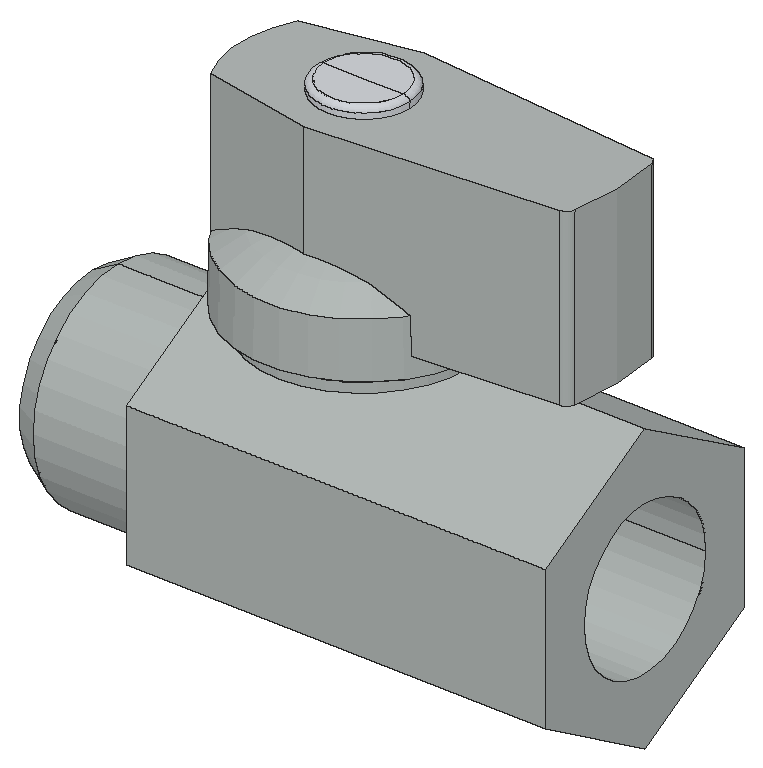
Revit family "QL10330000", category Apparecchi idraulici, Revit 2020
Family settings
  Quota connettore circolare = Usa diametro
  Tipo di parte = Normale
  Numero OmniClass = 23.45.00.00
  Titolo OmniClass = Sanitary, Laundry, and Cleaning Equipment
  Basato su piano di lavoro = No
  Sempre verticale = Sì
  Taglio con vuoti quando caricato = No
  Condiviso = No
  Punto di calcolo locali = No
Parameters
  URL = "https://web.cimberio.com/index.php/figura/963?subcategoria_id=47"
  Temperatura di esercizio = "-20 ÷ 95°C"
  Prospetto di default = 0 mm
  Produttore = "CIMBERIO SPA"
  Pressione nominale = "PN 150"
  Modello = "Cim 012C"
  Materiale = "Prodotto in lega di ottone conforme alla norma EN 12165-CW617N-DW"
  Descrizione = "Realizzato in ottemperanza ai requisiti gestionali della norma EN ISO 9001.\r\nUtilizzato per la regolazione della temperatura degli ambienti e comandare apparecchi degli impianti di riscaldamento e condizionamento."
  DN Model [instance] = QL10331015 : QL10331015
  DN [instance] = 15 mm
  Commenti sul tipo = "Utilizzato nei più svariati settori dell'impiantistica: impianti di riscaldamento, condizionamento, idrici, igienico-sanitari, aria compressa e in generale con ogni fluido non corrosivo"
Reference planes
  plane 1 "Centro (Fronte/Retro)": y = 0
  plane 2: z = 0
  plane 3 "Centro (Sinistra/Destra)": x = 0
Dimensions and locks
  aligned and locked: level to plane 2
Nested families
  nested 1: "QL10331015" at (0, 0, 0), type <- "DN Model", type "QL10331015"
  nested 2: "QL10331015" at (0, 0, 0), type <- "DN Model", type "QL10331015"
  nested 3: "QL10331015" at (0, 0, 0), type <- "DN Model", type "QL10331015"
Connectors
  piping at (25.957, 0, 14), diameter 15, driven by "DN"
    settings: on nested 1, index 1, connector inside diameter 609.6 mm, connector length 0 mm, flow factor 0, pipe flow 0.0 L/s, pressure drop 0.0 Pa, fitting loss kfactor 0, connector angle 0.00°, fixture units 0, engagement length 0 mm, angle of deflection 0.00°, flow configuration 0, flow direction 0, fitting loss method 0, system type 7, joint type 0, gender type 0, connector reference index -1, connector utility 0, adjustable connector no, is connector primary yes, connector description ""
  piping at (-27.762, 0, 11.892), diameter 15, driven by "DN"
    settings: on nested 1, index 2, connector inside diameter 609.6 mm, connector length 0 mm, flow factor 0, pipe flow 0.0 L/s, pressure drop 0.0 Pa, fitting loss kfactor 0, connector angle 0.00°, fixture units 0, engagement length 0 mm, angle of deflection 0.00°, flow configuration 0, flow direction 0, fitting loss method 0, system type 7, joint type 0, gender type 0, connector reference index -1, connector utility 0, adjustable connector no, is connector primary no, connector description ""
Definition of nested family "QL10331015"
  Parameters (values of type "QL10331015")
    URL = "https://web.cimberio.com/index.php/figura/1418?subcategoria_id="
    Temperatura di esercizio = "-10 ÷ 110°C"
    Default Elevation = 0 mm
    Manufacturer = "CIMBERIO SPA"
    Pressione nominale = "PN 10"
    Model = "Cim 150VIC"
    Materiale = "Prodotto in lega di ottone conforme alla norma EN 12165-CW617N-DW"
    Description = "Utilizzato nei più svariati settori dell'impiantistica: impianti di riscaldamento, condizionamento, idrici, igienico-sanitari e in generale con ogni fluido non corrosivo"
    DN Model [instance] = HG00081015 : HG00081015
    DN [instance] = 15 mm
    Type Comments = "Realizzato in ottemperanza ai requisiti gestionali della norma EN ISO 9001.\r\nCollaudato al 100% secondo la normativa EN 12266-1"
  Reference planes
    plane 1 "Centro (Fronte/Retro)": y = 0
    plane 2: z = 0
    plane 3 "Centro (Sinistra/Destra)": x = 0
  Forms (mm)
    Extrusion 1, solid
      sketch origin (0, 0, 14) x (0, 1, 0) y (0, 0, 1)
        loop
          circle (0, 0) r 7.5
        loop
          line (0, 14) -> (-12.124, 7) -> (-12.124, -7) -> (0, -14) -> (12.124, -7) -> (12.124, 7) -> (0, 14)
      from -15.043 to 25.957
    Revolve 2, solid
      sketch origin (0.156, 0, -0.02) x (1, 0, 0) y (0, 0, 1)
        loop
          line (-13.65, 29.159) -> (-12.068, 28.245) -> (-12.068, 27.3) -> (-1.75, 27.3) -> (-1.75, 38.235)
          arc (-1.75, 38.235) -> (-7.968, 37.443) -> (-13.555, 34.603) r 18.326
          line (-13.555, 34.603) -> (-13.65, 29.159)
        axis (-1.75, 27.3) -> (-1.75, 38.235)
      angle from 0 to 360
    Revolve 3, solid
      sketch origin (0.186, 0, -0.001) x (1, 0, 0) y (0, 0, 1)
        loop
          line (-6.25, 48.586) -> (-6.25, 47.06) -> (-1.75, 47.06) -> (-1.75, 49.1) -> (-5.644, 49.1)
          arc (-5.644, 49.1) -> (-6.041, 48.954) -> (-6.25, 48.586) r 0.614
        axis (-1.75, 49.1) -> (-1.75, 47.06)
      angle from 0 to 360
    Extrusion 4, solid
      sketch origin (0, 0, 0) x (1, 0, 0) y (0, 1, 0)
        loop
          line (-1.55, -7.358) -> (21.897, -5.374)
          arc (21.897, -5.374) -> (22.482, -5.121) -> (22.795, -4.565) r 1
          arc (22.795, -4.565) -> (23.239, 0.126) -> (22.795, 4.817) r 25
          arc (22.795, 4.817) -> (22.645, 5.184) -> (22.364, 5.464) r 1
          line (22.364, 5.464) -> (-1.549, 7.359) -> (-12.286, 5.325)
          arc (-12.286, 5.325) -> (-13.555, -0.054) -> (-12.237, -5.422) r 11.805
          line (-12.237, -5.422) -> (-1.55, -7.358)
      from 31.045 to 48.089
    Revolve 5, solid
      sketch origin (-0.985, 0, 0) x (1, 0, 0) y (0, 0, 1)
        loop
          line (-14.058, 24.427) -> (-24.564, 24.422) -> (-27.063, 22.977) -> (-27.063, 21.5) -> (-14.058, 21.5) -> (-14.058, 24.427)
        axis (-14.058, 14) -> (-27.063, 14)
      angle from 0 to 360
  Dimensions and locks
    aligned and locked: level to plane 2
